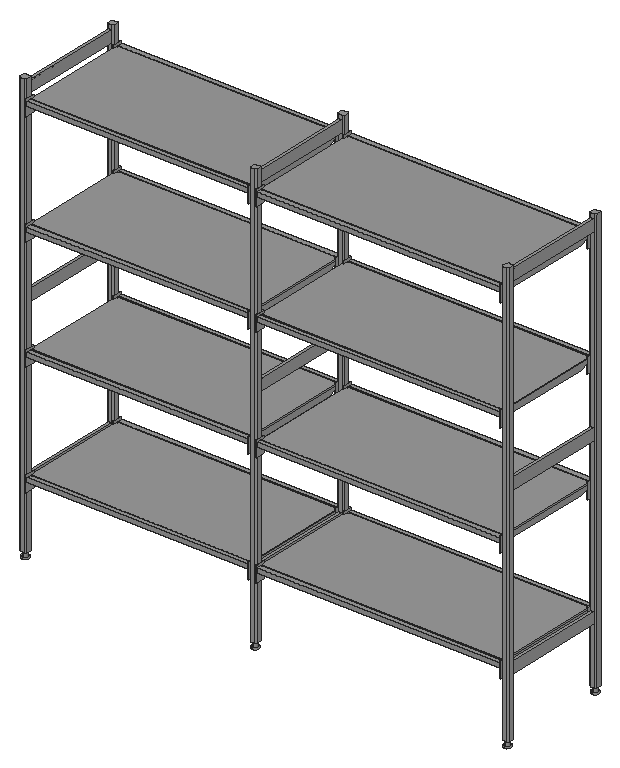
Revit family "QF_ZANUSSI_137043_BLS1960", category Attrezzature speciali, Revit 2020
Family settings
  Quota connettore circolare = Usa diametro
  Tipo di parte = Normale
  Basato su piano di lavoro = No
  Sempre verticale = Sì
  Taglio con vuoti quando caricato = No
  Condiviso = No
  Punto di calcolo locali = No
Parameters (values of type "Standard")
  Weight = 38.00 kg
  Watts = 0 W
  Volts = 0 V
  URL Manufacturer = "http://www.zanussiprofessional.com"
  URL = "http://www.zanussiprofessional.com"
  Steam Supply Size = 0 mm
  Steam Supply Minimum Pressure = 0.0 Pa
  Steam Supply Maximum Pressure = 0.0 Pa
  Steam Consumption per Hour = 0
  Refrigeration Suction Line Size = 0.0 mm
  Refrigeration Liquid Line Size = 0.0 mm
  Refrigerant Compressor Remote = yes
  Prospetto di default = 0.0 mm
  Phase = 0
  Modello = "BLS1960"
  Produttore = "Zanussi"
  Length Actual = 1960.0 mm  # constant formula
  Item Number = "137043"
  Hot Water Size = 0 mm
  Height Actual = 1700.0 mm  # constant formula
  HP = "0 HP"
  Gas Size = 0 mm
  Gas KW = 0
  Gas Input Pressure = 0 W
  Direct Waste Size = 0 mm
  Descrizione = "ALUM.LINEAR SHELV.-POLY.TIERS-475X1960MM"
  Depth Actual = 475.0 mm  # constant formula
  Cycle = 0 Hz
  Condensate Return Size = 0 mm
  Compressed Air Volume = 0.0 L/s
  Compressed Air Size = 0 mm
  Compressed Air Pressure = 0.0 Pa
  Cold Water Size = 0 mm
  Accessory = yes
Reference planes
  plane 1: z = 0
  plane 2 "CenterLeft": x = -31
  plane 3 "LEFT": x = -417
  plane 4 "BACK": y = 23
  plane 5 "FRONT": y = -452
  plane 6 "TOP": z = 1700
  plane 7: x = -385
  plane 8: x = 501
  plane 9 "Center (Front/Back)": y = -214.5
  plane 10: y = -8.5
  plane 11: y = -420.5
  plane 12 "FEET": z = 25
  plane 13: z = 275
  plane 14: z = 725
  plane 15: z = 1175
  plane 16: z = 1625
  plane 17 "CXLeft": x = -403
  plane 18 "Center (Left/Right)": x = 519
  plane 19: y = 5.5
  plane 20 "CYBack": y = 5.5
  plane 21 "CYFront": y = -434.5
  plane 22 "RIGHT": x = 1543
  plane 23: x = 1511
  plane 24 "CXRight": x = 1529
  plane 25: x = 537
Forms (mm)
  Extrusion 1, solid, material "QF_Aluminum"
    sketch origin (-417, 0, -4.006) x (0, 1, 0) y (0, 0, 1)
      loop
        line (-12, 1637.003) -> (4, 1637.003) -> (4, 1655) -> (2.007, 1655) -> (2.007, 1648.501) -> (-431, 1648.501) -> (-431, 1655) -> (-433, 1655) -> (-433, 1637.003) -> (-417, 1637.003) -> (-383, 1625) -> (-46, 1625) -> (-12, 1637.003)
      loop
        line (-12, 1187.003) -> (4, 1187.003) -> (4, 1205) -> (2.007, 1205) -> (2.007, 1198.501) -> (-431, 1198.501) -> (-431, 1205) -> (-433, 1205) -> (-433, 1187.003) -> (-417, 1187.003) -> (-383, 1175) -> (-46, 1175) -> (-12, 1187.003)
      loop
        line (-12, 737.003) -> (4, 737.003) -> (4, 755) -> (2.007, 755) -> (2.007, 748.501) -> (-431, 748.501) -> (-431, 755) -> (-433, 755) -> (-433, 737.003) -> (-417, 737.003) -> (-383, 725) -> (-46, 725) -> (-12, 737.003)
      loop
        line (-12, 287.003) -> (4, 287.003) -> (4, 305) -> (2.007, 305) -> (2.007, 298.501) -> (-431, 298.501) -> (-431, 305) -> (-433, 305) -> (-433, 287.003) -> (-417, 287.003) -> (-383, 275) -> (-46, 275) -> (-12, 287.003)
    from 37 to 32
  Extrusion 2, solid, material "QF_Aluminum"
    sketch origin (-417, 0, 0) x (0, 1, 0) y (0, 0, 1)
      loop
        line (23, 246.005) -> (23, 307.993) -> (-12.993, 307.993) -> (-12.993, 246.005) -> (23, 246.005)
      loop
        line (-452, 246.005) -> (-416.007, 246.005) -> (-416.007, 307.993) -> (-452, 307.993) -> (-452, 246.005)
      loop
        line (23, 696.005) -> (23, 757.993) -> (-12.993, 757.993) -> (-12.993, 696.005) -> (23, 696.005)
      loop
        line (-452, 696.005) -> (-416.007, 696.005) -> (-416.007, 757.993) -> (-452, 757.993) -> (-452, 696.005)
      loop
        line (23, 1146.005) -> (23, 1207.993) -> (-12.993, 1207.993) -> (-12.993, 1146.005) -> (23, 1146.005)
      loop
        line (-452, 1146.005) -> (-416.007, 1146.005) -> (-416.007, 1207.993) -> (-452, 1207.993) -> (-452, 1146.005)
      loop
        line (23, 1596.005) -> (23, 1657.993) -> (-12.993, 1657.993) -> (-12.993, 1596.005) -> (23, 1596.005)
      loop
        line (-452, 1596.005) -> (-416.007, 1596.005) -> (-416.007, 1657.993) -> (-452, 1657.993) -> (-452, 1596.005)
    from 28 to 32
  Extrusion 3, solid, material "QF_Aluminum"
    sketch origin (-417, 0, 0) x (0, 1, 0) y (0, 0, 1)
      loop
        line (4, 1650.994) -> (4, 1632.998) -> (23, 1632.998) -> (23, 1650.994) -> (4, 1650.994)
      loop
        line (-433, 1650.994) -> (-452, 1650.994) -> (-452, 1632.998) -> (-433, 1632.998) -> (-433, 1650.994)
      loop
        line (4, 1200.994) -> (4, 1182.998) -> (23, 1182.998) -> (23, 1200.994) -> (4, 1200.994)
      loop
        line (-433, 1200.994) -> (-452, 1200.994) -> (-452, 1182.998) -> (-433, 1182.998) -> (-433, 1200.994)
      loop
        line (4, 750.994) -> (4, 732.998) -> (23, 732.998) -> (23, 750.994) -> (4, 750.994)
      loop
        line (-433, 750.994) -> (-452, 750.994) -> (-452, 732.998) -> (-433, 732.998) -> (-433, 750.994)
      loop
        line (4, 300.994) -> (4, 282.998) -> (23, 282.998) -> (23, 300.994) -> (4, 300.994)
      loop
        line (-433, 300.994) -> (-452, 300.994) -> (-452, 282.998) -> (-433, 282.998) -> (-433, 300.994)
    from 32 to 918
  Extrusion 4, solid, material "QF_Polyethylene"
    sketch origin (-417, 0, 0) x (0, 1, 0) y (0, 0, 1)
      loop
        line (2.007, 1650.994) -> (-431, 1650.994) -> (-431, 1644.496) -> (2.007, 1644.496) -> (2.007, 1650.994)
      loop
        line (2.007, 1200.994) -> (-431, 1200.994) -> (-431, 1194.496) -> (2.007, 1194.496) -> (2.007, 1200.994)
      loop
        line (2.007, 750.994) -> (-431, 750.994) -> (-431, 744.496) -> (2.007, 744.496) -> (2.007, 750.994)
      loop
        line (2.007, 300.994) -> (-431, 300.994) -> (-431, 294.496) -> (2.007, 294.496) -> (2.007, 300.994)
    from 32 to 918
  Extrusion 5, solid, material "QF_Aluminum"
    sketch origin (1543, 0, 0) x (0, 1, 0) y (0, 0, 1)
      loop
        line (4, 1650.994) -> (4, 1632.998) -> (23, 1632.998) -> (23, 1650.994) -> (4, 1650.994)
      loop
        line (-433, 1650.994) -> (-452, 1650.994) -> (-452, 1632.998) -> (-433, 1632.998) -> (-433, 1650.994)
      loop
        line (4, 1200.994) -> (4, 1182.998) -> (23, 1182.998) -> (23, 1200.994) -> (4, 1200.994)
      loop
        line (-433, 1200.994) -> (-452, 1200.994) -> (-452, 1182.998) -> (-433, 1182.998) -> (-433, 1200.994)
      loop
        line (4, 750.994) -> (4, 732.998) -> (23, 732.998) -> (23, 750.994) -> (4, 750.994)
      loop
        line (-433, 750.994) -> (-452, 750.994) -> (-452, 732.998) -> (-433, 732.998) -> (-433, 750.994)
      loop
        line (4, 300.994) -> (4, 282.998) -> (23, 282.998) -> (23, 300.994) -> (4, 300.994)
      loop
        line (-433, 300.994) -> (-452, 300.994) -> (-452, 282.998) -> (-433, 282.998) -> (-433, 300.994)
    from -32 to -1006
  Extrusion 6, solid, material "QF_Polyethylene"
    sketch origin (1543, 0, 0) x (0, 1, 0) y (0, 0, 1)
      loop
        line (2.007, 1650.994) -> (-431, 1650.994) -> (-431, 1644.496) -> (2.007, 1644.496) -> (2.007, 1650.994)
      loop
        line (2.007, 1200.994) -> (-431, 1200.994) -> (-431, 1194.496) -> (2.007, 1194.496) -> (2.007, 1200.994)
      loop
        line (2.007, 750.994) -> (-431, 750.994) -> (-431, 744.496) -> (2.007, 744.496) -> (2.007, 750.994)
      loop
        line (2.007, 300.994) -> (-431, 300.994) -> (-431, 294.496) -> (2.007, 294.496) -> (2.007, 300.994)
    from -32 to -1006
Lines and regions (mm)
  symbolic lines
    curve 1: line (501, 4, 1700) -> (-385, 4, 1700)
    curve 2: line (-408, -8.5, 1700) -> (-408, -420.5, 1700)
    curve 3: line (-398, -420.5, 1700) -> (-398, -8.5, 1700)
    curve 4: line (-389, 23, 1700) -> (505, 23, 1700)
    curve 5: line (-385, -452, 1700) -> (501, -452, 1700)
    curve 6: line (533, 23, 1700) -> (1515, 23, 1700)
    curve 7: line (533, -452, 1700) -> (1515, -452, 1700)
    curve 8: line (-385, -433, 1700) -> (501, -433, 1700)
    curve 9: line (537, -433, 1700) -> (1511, -433, 1700)
    curve 10: line (537, 4, 1700) -> (1511, 4, 1700)
    curve 11: line (1511, -12.993, 1700) -> (1511, -416.007, 1700)
    curve 12: line (501, -12.993, 1700) -> (501, -416.007, 1700)
    curve 13: line (537, -416.007, 1700) -> (537, -12.993, 1700)
    curve 14: line (-385, -12.993, 1700) -> (-385, -416.007, 1700)
Dimensions and locks
  plane 3 "LEFT" to plane 2 "CenterLeft" = 386.0 mm
  locked: plane 6 "TOP" to level at 1700
  locked: plane 4 "BACK" to plane 5 "FRONT" at 475
  locked: plane 7 to plane 8 at 886
  locked: plane 10 to plane 11 at 412
  equal spacing: plane 10, plane 9 "Center (Front/Back)", plane 11
  equal spacing: plane 4 "BACK", plane 9 "Center (Front/Back)", plane 5 "FRONT"
  plane 12 "FEET" to level = 25.0 mm
  plane 6 "TOP" to plane 12 "FEET" = 1675.0 mm
  plane 13 to plane 12 "FEET" = 250.0 mm
  plane 14 to plane 13 = 450.0 mm
  plane 15 to plane 14 = 450.0 mm
  plane 16 to plane 15 = 450.0 mm
  locked: plane 4 "BACK" to plane 20 "CYBack" at 17.5
  locked: plane 21 "CYFront" to plane 5 "FRONT" at 17.5
  locked: plane 4 "BACK" to Extrusion 1 at 19
  locked: Extrusion 1 to plane 5 "FRONT" at 19
  Extrusion 1 sketch curve to plane 21 "CYFront" = 3.5 mm
  plane 3 "LEFT" to plane 22 "RIGHT" = 1960.0 mm
  locked: plane 25 to plane 23 at 974
  locked: plane 8 to plane 18 "Center (Left/Right)" at 18
  locked: plane 18 "Center (Left/Right)" to plane 25 at 18
  locked: plane 3 "LEFT" to plane 7 at 32
  locked: plane 24 "CXRight" to plane 22 "RIGHT" at 14
  aligned and locked: level to plane 1
  aligned and locked: plane 7 to Extrusion 1
  aligned and locked: Extrusion 2 to plane 7
  aligned and locked: plane 7 to Extrusion 4
  aligned and locked: Extrusion 4 to plane 8
  aligned and locked: plane 7 to Extrusion 3
  aligned and locked: Extrusion 3 to plane 8
  aligned and locked: Extrusion 3 sketch curve to Extrusion 1
  aligned and locked: Extrusion 1 to Extrusion 3 sketch curve
  aligned and locked: Extrusion 3 sketch curve to Extrusion 3 sketch curve  (x2)
  aligned and locked: Extrusion 1 sketch curve to Extrusion 1 sketch curve  (x3)
  aligned and locked: Extrusion 4 sketch curve to Extrusion 1  (x4)
  aligned and locked: Extrusion 5 sketch curve to Extrusion 5 sketch curve  (x2)
  aligned and locked: Extrusion 5 to plane 25
  aligned and locked: Extrusion 6 to plane 25
  aligned and locked: nested 3 to plane 18 "Center (Left/Right)"
  aligned and locked: nested 1 to plane 17 "CXLeft"
  aligned and locked: Extrusion 3 to plane 7  (x3)
  aligned and locked: plane 8 to Extrusion 3  (x4)
  aligned and locked: plane 25 to Extrusion 5  (x4)
  aligned and locked: plane 25 to Extrusion 6  (x4)
  aligned and locked: plane 8 to Extrusion 4  (x4)
  aligned and locked: nested 2 to plane 24 "CXRight"
  aligned and locked: Extrusion 5 to plane 23
  aligned and locked: Extrusion 6 to plane 23
  aligned and locked: plane 23 to Extrusion 5  (x3)
  aligned and locked: plane 23 to Extrusion 6  (x3)
Automatic sketch dimensions
  plane 21 "CYFront" to Extrusion 1 sketch curve = 1.5 mm  (x4)
  plane 11 to Extrusion 1 sketch curve = 3.5 mm  (x4)
  Extrusion 1 sketch curve to plane 13 = 4.006 mm
  Extrusion 1 sketch curve to Extrusion 1 sketch curve = 34.0 mm  (x4)
  Extrusion 1 sketch curve to plane 14 = 4.006 mm
  Extrusion 1 sketch curve to plane 15 = 4.006 mm
  Extrusion 1 sketch curve to plane 16 = 4.006 mm
  Extrusion 1 sketch curve to plane 10 = 37.5 mm  (x4)
  Extrusion 1 sketch curve to plane 10 = 3.5 mm  (x4)
  plane 19 to Extrusion 1 sketch curve = 3.493 mm  (x4)
  plane 19 to Extrusion 1 sketch curve = 1.5 mm  (x4)
  plane 13 to Extrusion 1 sketch curve = 7.998 mm  (x2)
  Extrusion 1 sketch curve to Extrusion 1 sketch curve = 11.498 mm  (x4)
  Extrusion 1 sketch curve to Extrusion 1 sketch curve = 6.499 mm  (x8)
  plane 14 to Extrusion 1 sketch curve = 7.998 mm  (x2)
  plane 15 to Extrusion 1 sketch curve = 7.998 mm  (x2)
  plane 16 to Extrusion 1 sketch curve = 7.998 mm  (x2)
  Extrusion 2 sketch curve to plane 5 "FRONT" = 0.0 mm  (x4)
  Extrusion 2 sketch curve to plane 4 "BACK" = 0.0 mm  (x4)
  plane 11 to Extrusion 2 sketch curve = 4.493 mm  (x4)
  Extrusion 2 sketch curve to plane 10 = 4.493 mm  (x4)
  Extrusion 2 sketch curve to plane 13 = 28.995 mm  (x2)
  plane 13 to Extrusion 2 sketch curve = 32.993 mm  (x2)
  Extrusion 2 sketch curve to plane 14 = 28.995 mm  (x2)
  plane 14 to Extrusion 2 sketch curve = 32.993 mm  (x2)
  Extrusion 2 sketch curve to plane 15 = 28.995 mm  (x2)
  plane 15 to Extrusion 2 sketch curve = 32.993 mm  (x2)
  Extrusion 2 sketch curve to plane 16 = 28.995 mm  (x2)
  plane 16 to Extrusion 2 sketch curve = 32.993 mm  (x2)
  Extrusion 3 sketch curve to plane 5 "FRONT" = 0.0 mm  (x4)
  Extrusion 3 sketch curve to plane 4 "BACK" = 0.0 mm  (x4)
  plane 19 to Extrusion 3 sketch curve = 1.5 mm  (x4)
  plane 13 to Extrusion 3 sketch curve = 7.998 mm  (x2)
  Extrusion 3 sketch curve to Extrusion 3 sketch curve = 17.997 mm  (x8)
  plane 14 to Extrusion 3 sketch curve = 7.998 mm  (x2)
  plane 15 to Extrusion 3 sketch curve = 7.998 mm  (x2)
  plane 16 to Extrusion 3 sketch curve = 7.998 mm  (x2)
  plane 19 to Extrusion 4 sketch curve = 3.493 mm  (x4)
  plane 13 to Extrusion 4 sketch curve = 19.496 mm
  Extrusion 4 sketch curve to Extrusion 4 sketch curve = 6.499 mm  (x4)
  plane 14 to Extrusion 4 sketch curve = 19.496 mm
  plane 15 to Extrusion 4 sketch curve = 19.496 mm
  plane 16 to Extrusion 4 sketch curve = 19.496 mm
  Extrusion 5 sketch curve to plane 5 "FRONT" = 0.0 mm  (x4)
  Extrusion 5 sketch curve to plane 4 "BACK" = 0.0 mm  (x4)
  plane 21 "CYFront" to Extrusion 5 sketch curve = 1.5 mm  (x2)
  plane 19 to Extrusion 5 sketch curve = 1.5 mm  (x4)
  plane 13 to Extrusion 5 sketch curve = 7.998 mm  (x2)
  Extrusion 5 sketch curve to Extrusion 5 sketch curve = 17.997 mm  (x8)
  plane 14 to Extrusion 5 sketch curve = 7.998 mm  (x2)
  plane 15 to Extrusion 5 sketch curve = 7.998 mm  (x2)
  plane 16 to Extrusion 5 sketch curve = 7.998 mm  (x2)
  plane 21 "CYFront" to Extrusion 6 sketch curve = 3.5 mm  (x4)
  plane 19 to Extrusion 6 sketch curve = 3.493 mm  (x4)
  plane 13 to Extrusion 6 sketch curve = 19.496 mm
  Extrusion 6 sketch curve to Extrusion 6 sketch curve = 6.499 mm  (x4)
  plane 14 to Extrusion 6 sketch curve = 19.496 mm
  plane 15 to Extrusion 6 sketch curve = 19.496 mm
  plane 16 to Extrusion 6 sketch curve = 19.496 mm
  curve 7 to plane 5 "FRONT" = 0.0 mm
  curve 5 to plane 5 "FRONT" = 0.0 mm
  curve 8 to plane 8 = 0.0 mm
  curve 9 to plane 25 = 0.0 mm
  curve 9 to plane 23 = 0.0 mm
  curve 8 to plane 7 = 0.0 mm
  curve 2 to plane 11 = 0.0 mm
  curve 3 to plane 11 = 0.0 mm
  curve 14 to plane 7 = 0.0 mm
  curve 13 to plane 25 = 0.0 mm
  curve 12 to plane 8 = 0.0 mm
  curve 11 to plane 23 = 0.0 mm
  curve 3 to plane 10 = 0.0 mm
  curve 2 to plane 10 = 0.0 mm
  curve 1 to plane 8 = 0.0 mm
  curve 1 to plane 7 = 0.0 mm
  curve 10 to plane 23 = 0.0 mm
  curve 10 to plane 25 = 0.0 mm
  curve 4 to plane 4 "BACK" = 0.0 mm
  curve 6 to plane 4 "BACK" = 0.0 mm
  curve 5 to plane 8 = 0.0 mm
  curve 5 to plane 7 = 0.0 mm
  plane 21 "CYFront" to curve 8 = 1.5 mm
  plane 21 "CYFront" to curve 9 = 1.5 mm
  plane 11 to curve 14 = 4.493 mm
  plane 11 to curve 13 = 4.493 mm
  plane 11 to curve 12 = 4.493 mm
  plane 11 to curve 11 = 4.493 mm
  curve 14 to plane 10 = 4.493 mm
  curve 13 to plane 10 = 4.493 mm
  curve 12 to plane 10 = 4.493 mm
  curve 11 to plane 10 = 4.493 mm
  plane 19 to curve 1 = 1.5 mm
  plane 19 to curve 10 = 1.5 mm
  curve 6 to plane 23 = 4.0 mm
  curve 7 to plane 23 = 4.0 mm
  curve 6 to plane 25 = 4.0 mm
  curve 7 to plane 25 = 4.0 mm
  curve 4 to plane 8 = 4.0 mm
  plane 7 to curve 4 = 4.0 mm
  plane 17 "CXLeft" to curve 3 = 5.0 mm
  curve 2 to plane 17 "CXLeft" = 5.0 mm
Nested families
  nested 1: "WT_Anta475" at (0, 0, 0), type "WT_Anta475"
  nested 2: "WT_Anta475" at (1126, 0, 0) x (-1, 0, 0) z (0, 0, 1), type "WT_Anta475"
  nested 3: "WT_Anta475Center" at (922, 0, 0), type "WT_Anta475Center"
Definition of nested family "WT_Anta475"
  Parameters
    WidthLeft = A + 64.0 mm  # 772.0 mm
    Width = 1606.0 mm
    Right = WidthLeft / 2  # 386.0 mm
    Default Elevation = 0.0 mm
    Left = -WidthLeft / 2  # -386.0 mm
    Height = 1725.0 mm
    FEET = 25.0 mm
    E = 0.0 mm
    Dint = Depth - 63.0 mm  # 412.0 mm
    Dext = Depth - 8.0 mm  # 467.0 mm
    Depth = 475.0 mm
    DX = (WidthLeft - A) / 2  # 32.0 mm
    B = 798.0 mm
    A = 708.0 mm
  Reference planes
    plane 1: z = 0
    plane 2 "LEFT": x = -417
    plane 3 "BACK": y = 23
    plane 4 "FRONT": y = -452
    plane 5 "TOP": z = 1725
    plane 6 "Center (Front/Back)": y = -214.5
    plane 7: y = -8.5
    plane 8: y = -420.5
    plane 9 "FEET": z = 25
    plane 10: z = 275
    plane 11: z = 725
    plane 12: z = 1175
    plane 13: z = 1625
    plane 14 "CXLeft": x = -403
    plane 15: y = 5.5
    plane 16 "CYBack": y = 5.5
    plane 17 "CYFront": y = -434.5
    plane 18: x = -385.031
    plane 19: x = -380.031
  Forms (mm)
    Extrusion 1, solid
      sketch origin (0, 0, 0) x (1, 0, 0) y (0, 1, 0)
        loop
          line (-417, 13.246) -> (-417, -2.246) -> (-410.746, -8.5) -> (-395.254, -8.5) -> (-389, -2.246) -> (-389, 13.246) -> (-395.254, 19.5) -> (-410.746, 19.5) -> (-417, 13.246)
      from 1725 to 25
    Extrusion 2, solid
      sketch origin (-417, 0, 0) x (0, 1, 0) y (0, 0, 1)
        loop
          line (23, 246.005) -> (23, 307.993) -> (-12.993, 307.993) -> (-12.993, 246.005) -> (23, 246.005)
        loop
          line (-452, 246.005) -> (-416.007, 246.005) -> (-416.007, 307.993) -> (-452, 307.993) -> (-452, 246.005)
        loop
          line (23, 696.005) -> (23, 757.993) -> (-12.993, 757.993) -> (-12.993, 696.005) -> (23, 696.005)
        loop
          line (-452, 696.005) -> (-416.007, 696.005) -> (-416.007, 757.993) -> (-452, 757.993) -> (-452, 696.005)
        loop
          line (23, 1146.005) -> (23, 1207.993) -> (-12.993, 1207.993) -> (-12.993, 1146.005) -> (23, 1146.005)
        loop
          line (-452, 1146.005) -> (-416.007, 1146.005) -> (-416.007, 1207.993) -> (-452, 1207.993) -> (-452, 1146.005)
        loop
          line (23, 1596.005) -> (23, 1657.993) -> (-12.993, 1657.993) -> (-12.993, 1596.005) -> (23, 1596.005)
        loop
          line (-452, 1596.005) -> (-416.007, 1596.005) -> (-416.007, 1657.993) -> (-452, 1657.993) -> (-452, 1596.005)
      from 28 to 32
    Revolve 3, solid
      sketch origin (-403, 0, 0) x (0, 1, 0) y (0, 0, 1)
        loop
          line (5.5, 25) -> (5.5, 0) -> (19, 0) -> (19, 5) -> (14, 5) -> (14, 25) -> (5.5, 25)
        axis (5.5, 25) -> (5.5, 0)
      angle from 0 to 360
    Extrusion 4, solid
      sketch origin (-403, 0, 0) x (0, 1, 0) y (0, 0, 1)
        loop
          line (-8.5, 912.382) -> (-8.5, 957.374) -> (-420.5, 957.374) -> (-420.5, 912.382) -> (-8.5, 912.382)
        loop
          line (-8.5, 1662.244) -> (-8.5, 1707.236) -> (-420.5, 1707.236) -> (-420.5, 1662.244) -> (-8.5, 1662.244)
      from -5 to 5
    Revolve 5, solid
      sketch origin (-403, -627, 0) x (0, -1, 0) y (0, 0, 1)
        loop
          line (-192.5, 25) -> (-192.5, 0) -> (-179, 0) -> (-179, 5) -> (-184, 5) -> (-184, 25) -> (-192.5, 25)
        axis (-192.5, 25) -> (-192.5, 0)
      angle from 0 to 360
    Extrusion 6, solid
      sketch origin (0, -627, 0) x (1, 0, 0) y (0, 1, 0)
        loop
          line (-417, 184.754) -> (-410.746, 178.5) -> (-395.254, 178.5) -> (-389, 184.754) -> (-389, 200.246) -> (-395.254, 206.5) -> (-410.746, 206.5) -> (-417, 200.246) -> (-417, 184.754)
      from 1725 to 25
    Extrusion 7, solid
      sketch origin (-417.031, -0.022, 0) x (0, 1, 0) y (0, 0, -1)
        loop
          line (-12, -1632.998) -> (-46, -1620.994) -> (-383, -1620.994) -> (-417, -1632.998) -> (-433, -1632.998) -> (-433, -1650.994) -> (-431, -1650.994) -> (-431, -1644.496) -> (2.007, -1644.496) -> (2.007, -1650.994) -> (4, -1650.994) -> (4, -1632.998) -> (-12, -1632.998)
        loop
          line (-12, -1182.998) -> (-46, -1170.994) -> (-383, -1170.994) -> (-417, -1182.998) -> (-433, -1182.998) -> (-433, -1200.994) -> (-431, -1200.994) -> (-431, -1194.496) -> (2.007, -1194.496) -> (2.007, -1200.994) -> (4, -1200.994) -> (4, -1182.998) -> (-12, -1182.998)
        loop
          line (-12, -732.998) -> (-46, -720.994) -> (-383, -720.994) -> (-417, -732.998) -> (-433, -732.998) -> (-433, -750.994) -> (-431, -750.994) -> (-431, -744.496) -> (2.007, -744.496) -> (2.007, -750.994) -> (4, -750.994) -> (4, -732.998) -> (-12, -732.998)
        loop
          line (-12, -282.998) -> (-46, -270.994) -> (-383, -270.994) -> (-417, -282.998) -> (-433, -282.998) -> (-433, -300.994) -> (-431, -300.994) -> (-431, -294.496) -> (2.007, -294.496) -> (2.007, -300.994) -> (4, -300.994) -> (4, -282.998) -> (-12, -282.998)
      from -32 to -37
    Extrusion 8, solid
      sketch origin (-403, 0, -659.878) x (0, 1, 0) y (0, 0, 1)
        loop
          line (-8.5, 912.382) -> (-8.5, 957.374) -> (-420.5, 957.374) -> (-420.5, 912.382) -> (-8.5, 912.382)
        loop
          line (-8.5, 1572.382) -> (-8.5, 1617.374) -> (-420.5, 1617.374) -> (-420.5, 1572.382) -> (-8.5, 1572.382)
        loop
          line (-8.5, 2322.382) -> (-8.5, 2367.374) -> (-420.5, 2367.374) -> (-420.5, 2322.382) -> (-8.5, 2322.382)
      from -5 to 5
  Lines and regions (mm)
    symbolic lines
      curve 1: line (-408, -8.5, 1725) -> (-408, -420.5, 1725)
      curve 2: line (-398, -420.5, 1725) -> (-398, -8.5, 1725)
      curve 3: line (-395.254, -8.5, 1725) -> (-410.746, -8.5, 1725)
      curve 4: line (-417, -2.246, 1725) -> (-410.746, -8.5, 1725)
      curve 5: line (-417, 13.246, 1725) -> (-417, -2.246, 1725)
      curve 6: line (-410.746, 19.5, 1725) -> (-417, 13.246, 1725)
      curve 7: line (-395.254, 19.5, 1725) -> (-410.746, 19.5, 1725)
      curve 8: line (-389, 13.246, 1725) -> (-395.254, 19.5, 1725)
      curve 9: line (-395.254, -8.5, 1725) -> (-389, -2.246, 1725)
      curve 10: line (-395.254, -420.5, 1725) -> (-410.746, -420.5, 1725)
      curve 11: line (-417, -426.754, 1725) -> (-410.746, -420.5, 1725)
      curve 12: line (-410.746, -448.5, 1725) -> (-417, -442.246, 1725)
      curve 13: line (-395.254, -448.5, 1725) -> (-410.746, -448.5, 1725)
      curve 14: line (-389, -442.246, 1725) -> (-395.254, -448.5, 1725)
      curve 15: line (-395.254, -420.5, 1725) -> (-389, -426.754, 1725)
      curve 16: line (-389, -452, 1725) -> (-389, -416.007, 1725)
      curve 17: line (-389, -416.007, 1725) -> (-385, -416.007, 1725)
      curve 18: line (-389, 23, 1725) -> (-389, -12.993, 1725)
      curve 19: line (-389, -12.993, 1725) -> (-385, -12.993, 1725)
      curve 20: line (-417, -426.754, 1725) -> (-417, -442.246, 1725)
      curve 21: line (-385, -452, 1725) -> (-385, -416.007, 1725)
      curve 22: line (-385, -452, 1725) -> (-389, -452, 1725)
      curve 23: line (-385, 23, 1725) -> (-389, 23, 1725)
      curve 24: line (-385, -12.993, 1725) -> (-385, 23, 1725)
      curve 25: line (-385.031, -13.016, 1725) -> (-385.031, -416.029, 1725)
  Dimensions and locks
    "Height": plane 5 "TOP" to level
    "Depth": plane 3 "BACK" to plane 4 "FRONT"
    "Dint": plane 7 to plane 8
    equal spacing: plane 7, plane 6 "Center (Front/Back)", plane 8
    equal spacing: plane 3 "BACK", plane 6 "Center (Front/Back)", plane 4 "FRONT"
    plane 9 "FEET" to level = 25.0 mm
    plane 5 "TOP" to plane 9 "FEET" = 1700.0 mm
    plane 10 to plane 9 "FEET" = 250.0 mm
    plane 11 to plane 10 = 450.0 mm
    plane 12 to plane 11 = 450.0 mm
    plane 13 to plane 12 = 450.0 mm
    locked: plane 2 "LEFT" to plane 14 "CXLeft" at 14
    locked: plane 3 "BACK" to plane 16 "CYBack" at 17.5
    locked: plane 17 "CYFront" to plane 4 "FRONT" at 17.5
    locked: Revolve 3 sketch curve to Revolve 3 sketch curve at 8.5
    locked: Revolve 3 sketch curve to plane 16 "CYBack" at 13.5
    locked: Revolve 5 sketch curve to Revolve 5 sketch curve at 8.5
    aligned and locked: level to plane 1
    aligned and locked: curve 20 to Extrusion 6
    aligned and locked: plane 5 "TOP" to Extrusion 1
    aligned and locked: plane 5 "TOP" to Extrusion 6
    aligned and locked: Extrusion 7 sketch curve to Extrusion 7 sketch curve  (x3)
  Automatic sketch dimensions
    curve 16 to plane 4 "FRONT" = 0.0 mm
    curve 11 to plane 8 = 0.0 mm
    curve 9 to plane 7 = 0.0 mm
    curve 5 to plane 2 "LEFT" = 0.0 mm
    curve 23 to plane 3 "BACK" = 0.0 mm
    plane 4 "FRONT" to curve 13 = 3.5 mm
    curve 20 to plane 17 "CYFront" = 7.746 mm
    curve 20 to plane 8 = 6.254 mm
    plane 8 to curve 16 = 4.493 mm
    curve 24 to plane 18 = 0.031 mm
    curve 24 to plane 7 = 4.493 mm
    plane 7 to curve 5 = 6.254 mm
    curve 5 to plane 15 = 7.746 mm
    curve 6 to plane 3 "BACK" = 3.5 mm
    curve 21 to plane 18 = 0.031 mm
    plane 18 to curve 23 = 3.969 mm
    plane 18 to curve 16 = 3.969 mm
    curve 18 to curve 8 = 6.254 mm
    curve 18 to curve 3 = 6.254 mm
    curve 16 to curve 13 = 6.254 mm
    curve 16 to curve 15 = 6.254 mm
    plane 2 "LEFT" to curve 10 = 6.254 mm
    plane 2 "LEFT" to curve 7 = 6.254 mm
    plane 2 "LEFT" to curve 12 = 6.254 mm
    plane 2 "LEFT" to curve 3 = 6.254 mm
    curve 14 to plane 17 "CYFront" = 7.746 mm
    curve 15 to plane 8 = 6.254 mm
    plane 7 to curve 9 = 6.254 mm
    curve 8 to plane 15 = 7.746 mm
    curve 3 to curve 2 = 2.746 mm
    curve 1 to curve 10 = 2.746 mm
    Extrusion 1 sketch curve to plane 2 "LEFT" = 0.0 mm
    Extrusion 1 sketch curve to plane 7 = 0.0 mm
    plane 2 "LEFT" to Extrusion 1 sketch curve = 6.254 mm  (x2)
    plane 14 "CXLeft" to Extrusion 1 sketch curve = 7.746 mm  (x2)
    Extrusion 1 sketch curve to plane 3 "BACK" = 3.5 mm
    plane 18 to Extrusion 1 sketch curve = 3.969 mm
    plane 7 to Extrusion 1 sketch curve = 6.254 mm  (x2)
    Extrusion 1 sketch curve to plane 15 = 7.746 mm  (x2)
    Extrusion 2 sketch curve to plane 4 "FRONT" = 0.0 mm  (x4)
    Extrusion 2 sketch curve to plane 3 "BACK" = 0.0 mm  (x4)
    plane 8 to Extrusion 2 sketch curve = 4.493 mm  (x4)
    Extrusion 2 sketch curve to plane 7 = 4.493 mm  (x4)
    Extrusion 2 sketch curve to plane 10 = 28.995 mm  (x2)
    plane 10 to Extrusion 2 sketch curve = 32.993 mm  (x2)
    Extrusion 2 sketch curve to plane 11 = 28.995 mm  (x2)
    plane 11 to Extrusion 2 sketch curve = 32.993 mm  (x2)
    Extrusion 2 sketch curve to plane 12 = 28.995 mm  (x2)
    plane 12 to Extrusion 2 sketch curve = 32.993 mm  (x2)
    Extrusion 2 sketch curve to plane 13 = 28.995 mm  (x2)
    plane 13 to Extrusion 2 sketch curve = 32.993 mm  (x2)
    Revolve 3 sketch curve to plane 9 "FEET" = 0.0 mm  (x2)
    Revolve 3 sketch curve to plane 15 = 0.0 mm  (x2)
    Revolve 3 sketch curve to level = 0.0 mm
    level to Revolve 3 sketch curve = 5.0 mm
    Revolve 3 sketch curve to Revolve 3 sketch curve = 11.655 mm
    Extrusion 4 sketch curve to plane 8 = 0.0 mm  (x2)
    Extrusion 4 sketch curve to plane 7 = 0.0 mm  (x2)
    plane 11 to Extrusion 4 sketch curve = 187.382 mm
    Extrusion 4 sketch curve to Extrusion 4 sketch curve = 44.992 mm
    plane 13 to Extrusion 4 sketch curve = 37.244 mm
    Extrusion 4 sketch curve to plane 5 "TOP" = 17.764 mm
    Revolve 5 sketch curve to plane 9 "FEET" = 0.0 mm  (x2)
    Revolve 5 sketch curve to plane 17 "CYFront" = 0.0 mm  (x2)
    Revolve 5 sketch curve to level = 0.0 mm
    Revolve 5 sketch curve to plane 4 "FRONT" = 4.0 mm
    Revolve 5 sketch curve to Revolve 5 sketch curve = 5.0 mm
    level to Revolve 5 sketch curve = 11.655 mm
    Extrusion 6 sketch curve to plane 2 "LEFT" = 0.0 mm
    Extrusion 6 sketch curve to plane 8 = 0.0 mm
    Extrusion 6 sketch curve to plane 2 "LEFT" = 6.254 mm  (x2)
    Extrusion 6 sketch curve to plane 14 "CXLeft" = 7.746 mm  (x2)
    Extrusion 6 sketch curve to plane 4 "FRONT" = 3.5 mm
    Extrusion 6 sketch curve to plane 18 = 3.969 mm
    plane 8 to Extrusion 6 sketch curve = 6.254 mm  (x2)
    plane 17 "CYFront" to Extrusion 6 sketch curve = 7.746 mm  (x2)
    plane 17 "CYFront" to Extrusion 7 sketch curve = 1.478 mm  (x4)
    Extrusion 7 sketch curve to Extrusion 7 sketch curve = 2.0 mm
    plane 8 to Extrusion 7 sketch curve = 3.478 mm  (x4)
    Extrusion 7 sketch curve to plane 10 = 4.006 mm
    Extrusion 7 sketch curve to Extrusion 7 sketch curve = 34.0 mm  (x4)
    Extrusion 7 sketch curve to plane 11 = 4.006 mm
    Extrusion 7 sketch curve to plane 12 = 4.006 mm
    Extrusion 7 sketch curve to plane 13 = 4.006 mm
    Extrusion 7 sketch curve to plane 7 = 37.522 mm  (x4)
    Extrusion 7 sketch curve to plane 7 = 3.522 mm  (x4)
    plane 15 to Extrusion 7 sketch curve = 3.516 mm  (x4)
    plane 15 to Extrusion 7 sketch curve = 1.522 mm  (x4)
    plane 13 to Extrusion 7 sketch curve = 7.998 mm  (x2)
    Extrusion 7 sketch curve to Extrusion 7 sketch curve = 11.498 mm
    Extrusion 7 sketch curve to Extrusion 7 sketch curve = 6.499 mm  (x5)
    plane 12 to Extrusion 7 sketch curve = 25.994 mm  (x2)
    plane 12 to Extrusion 7 sketch curve = 7.998 mm  (x2)
    plane 11 to Extrusion 7 sketch curve = 25.994 mm  (x2)
    plane 11 to Extrusion 7 sketch curve = 7.998 mm  (x2)
    plane 10 to Extrusion 7 sketch curve = 25.994 mm  (x2)
    plane 10 to Extrusion 7 sketch curve = 7.998 mm  (x2)
    curve 25 to plane 18 = 0.0 mm
    plane 8 to curve 25 = 4.471 mm
    curve 25 to plane 7 = 4.516 mm
    Extrusion 8 sketch curve to plane 8 = 0.0 mm  (x3)
    Extrusion 8 sketch curve to plane 7 = 0.0 mm  (x3)
    Extrusion 8 sketch curve to plane 10 = 22.496 mm
    plane 10 to Extrusion 8 sketch curve = 22.496 mm
    plane 11 to Extrusion 8 sketch curve = 187.504 mm
    Extrusion 8 sketch curve to Extrusion 8 sketch curve = 44.992 mm
    plane 13 to Extrusion 8 sketch curve = 37.504 mm
    Extrusion 8 sketch curve to plane 5 "TOP" = 17.504 mm
Definition of nested family "WT_Anta475Center"
  Parameters
    WidthLeft = A + 64.0 mm  # 772.0 mm
    Width = 1606.0 mm
    Right = WidthLeft / 2  # 386.0 mm
    Default Elevation = 0.0 mm
    Left = -WidthLeft / 2  # -386.0 mm
    Height = 1725.0 mm
    FEET = 25.0 mm
    E = 0.0 mm
    Dint = Depth - 63.0 mm  # 412.0 mm
    Dext = Depth - 8.0 mm  # 467.0 mm
    Depth = 475.0 mm
    DX = (WidthLeft - A) / 2  # 32.0 mm
    B = 798.0 mm
    A = 708.0 mm
  Reference planes
    plane 1: z = 0
    plane 2 "L": x = -417
    plane 3 "BACK": y = 23
    plane 4 "FRONT": y = -452
    plane 5 "TOP": z = 1725
    plane 6 "Center (Front/Back)": y = -214.5
    plane 7: y = -8.5
    plane 8: y = -420.5
    plane 9 "FEET": z = 25
    plane 10: z = 275
    plane 11: z = 725
    plane 12: z = 1175
    plane 13: z = 1625
    plane 14 "CXLeft": x = -403
    plane 15: y = 5.5
    plane 16 "CYBack": y = 5.5
    plane 17 "CYFront": y = -434.5
    plane 18: x = -385.031
    plane 19 "RIGHT": x = -380.031
    plane 20: x = -420.969
    plane 21 "LEFT": x = -425.969
  Forms (mm)
    Extrusion 1, solid
      sketch origin (0, 0, 0) x (1, 0, 0) y (0, 1, 0)
        loop
          line (-417, 13.246) -> (-417, -2.246) -> (-410.746, -8.5) -> (-395.254, -8.5) -> (-389, -2.246) -> (-389, 13.246) -> (-395.254, 19.5) -> (-410.746, 19.5) -> (-417, 13.246)
      from 1725 to 25
    Extrusion 2, solid
      sketch origin (-417, 0, 0) x (0, 1, 0) y (0, 0, 1)
        loop
          line (23, 246.005) -> (23, 307.993) -> (-12.993, 307.993) -> (-12.993, 246.005) -> (23, 246.005)
        loop
          line (-452, 246.005) -> (-416.007, 246.005) -> (-416.007, 307.993) -> (-452, 307.993) -> (-452, 246.005)
        loop
          line (23, 696.005) -> (23, 757.993) -> (-12.993, 757.993) -> (-12.993, 696.005) -> (23, 696.005)
        loop
          line (-452, 696.005) -> (-416.007, 696.005) -> (-416.007, 757.993) -> (-452, 757.993) -> (-452, 696.005)
        loop
          line (23, 1146.005) -> (23, 1207.993) -> (-12.993, 1207.993) -> (-12.993, 1146.005) -> (23, 1146.005)
        loop
          line (-452, 1146.005) -> (-416.007, 1146.005) -> (-416.007, 1207.993) -> (-452, 1207.993) -> (-452, 1146.005)
        loop
          line (23, 1596.005) -> (23, 1657.993) -> (-12.993, 1657.993) -> (-12.993, 1596.005) -> (23, 1596.005)
        loop
          line (-452, 1596.005) -> (-416.007, 1596.005) -> (-416.007, 1657.993) -> (-452, 1657.993) -> (-452, 1596.005)
      from 28 to 32
    Revolve 3, solid
      sketch origin (-403, 0, 0) x (0, 1, 0) y (0, 0, 1)
        loop
          line (5.5, 25) -> (5.5, 0) -> (19, 0) -> (19, 5) -> (14, 5) -> (14, 25) -> (5.5, 25)
        axis (5.5, 25) -> (5.5, 0)
      angle from 0 to 360
    Extrusion 4, solid
      sketch origin (-403, 0, 0) x (0, 1, 0) y (0, 0, 1)
        loop
          line (-8.5, 912.382) -> (-8.5, 957.374) -> (-420.5, 957.374) -> (-420.5, 912.382) -> (-8.5, 912.382)
        loop
          line (-8.5, 1662.244) -> (-8.5, 1707.236) -> (-420.5, 1707.236) -> (-420.5, 1662.244) -> (-8.5, 1662.244)
      from -5 to 5
    Revolve 5, solid
      sketch origin (-403, -627, 0) x (0, -1, 0) y (0, 0, 1)
        loop
          line (-192.5, 25) -> (-192.5, 0) -> (-179, 0) -> (-179, 5) -> (-184, 5) -> (-184, 25) -> (-192.5, 25)
        axis (-192.5, 25) -> (-192.5, 0)
      angle from 0 to 360
    Extrusion 6, solid
      sketch origin (0, -627, 0) x (1, 0, 0) y (0, 1, 0)
        loop
          line (-417, 184.754) -> (-410.746, 178.5) -> (-395.254, 178.5) -> (-389, 184.754) -> (-389, 200.246) -> (-395.254, 206.5) -> (-410.746, 206.5) -> (-417, 200.246) -> (-417, 184.754)
      from 1725 to 25
    Extrusion 7, solid
      sketch origin (-417.031, -0.022, 0) x (0, 1, 0) y (0, 0, -1)
        loop
          line (-12, -1632.998) -> (-46, -1620.994) -> (-383, -1620.994) -> (-417, -1632.998) -> (-433, -1632.998) -> (-433, -1650.994) -> (-431, -1650.994) -> (-431, -1644.496) -> (2.007, -1644.496) -> (2.007, -1650.994) -> (4, -1650.994) -> (4, -1632.998) -> (-12, -1632.998)
        loop
          line (-12, -1182.998) -> (-46, -1170.994) -> (-383, -1170.994) -> (-417, -1182.998) -> (-433, -1182.998) -> (-433, -1200.994) -> (-431, -1200.994) -> (-431, -1194.496) -> (2.007, -1194.496) -> (2.007, -1200.994) -> (4, -1200.994) -> (4, -1182.998) -> (-12, -1182.998)
        loop
          line (-12, -732.998) -> (-46, -720.994) -> (-383, -720.994) -> (-417, -732.998) -> (-433, -732.998) -> (-433, -750.994) -> (-431, -750.994) -> (-431, -744.496) -> (2.007, -744.496) -> (2.007, -750.994) -> (4, -750.994) -> (4, -732.998) -> (-12, -732.998)
        loop
          line (-12, -282.998) -> (-46, -270.994) -> (-383, -270.994) -> (-417, -282.998) -> (-433, -282.998) -> (-433, -300.994) -> (-431, -300.994) -> (-431, -294.496) -> (2.007, -294.496) -> (2.007, -300.994) -> (4, -300.994) -> (4, -282.998) -> (-12, -282.998)
      from -32 to -37
    Extrusion 8, solid
      sketch origin (-403, 0, -659.878) x (0, 1, 0) y (0, 0, 1)
        loop
          line (-8.5, 912.382) -> (-8.5, 957.374) -> (-420.5, 957.374) -> (-420.5, 912.382) -> (-8.5, 912.382)
        loop
          line (-8.5, 1572.382) -> (-8.5, 1617.374) -> (-420.5, 1617.374) -> (-420.5, 1572.382) -> (-8.5, 1572.382)
        loop
          line (-8.5, 2322.382) -> (-8.5, 2367.374) -> (-420.5, 2367.374) -> (-420.5, 2322.382) -> (-8.5, 2322.382)
      from -5 to 5
    Extrusion 9, solid
      sketch origin (-389, 0, 0) x (0, 1, 0) y (0, 0, -1)
        loop
          line (23, -246.005) -> (-12.993, -246.005) -> (-12.993, -307.993) -> (23, -307.993) -> (23, -246.005)
        loop
          line (-452, -246.005) -> (-452, -307.993) -> (-416.007, -307.993) -> (-416.007, -246.005) -> (-452, -246.005)
        loop
          line (23, -696.005) -> (-12.993, -696.005) -> (-12.993, -757.993) -> (23, -757.993) -> (23, -696.005)
        loop
          line (-452, -696.005) -> (-452, -757.993) -> (-416.007, -757.993) -> (-416.007, -696.005) -> (-452, -696.005)
        loop
          line (23, -1146.005) -> (-12.993, -1146.005) -> (-12.993, -1207.993) -> (23, -1207.993) -> (23, -1146.005)
        loop
          line (-452, -1146.005) -> (-452, -1207.993) -> (-416.007, -1207.993) -> (-416.007, -1146.005) -> (-452, -1146.005)
        loop
          line (23, -1596.005) -> (-12.993, -1596.005) -> (-12.993, -1657.993) -> (23, -1657.993) -> (23, -1596.005)
        loop
          line (-452, -1596.005) -> (-452, -1657.993) -> (-416.007, -1657.993) -> (-416.007, -1596.005) -> (-452, -1596.005)
      from 28 to 32
    Extrusion 10, solid
      sketch origin (-388.969, -0.022, 0) x (0, 1, 0) y (0, 0, 1)
        loop
          line (-12, 1632.998) -> (4, 1632.998) -> (4, 1650.994) -> (2.007, 1650.994) -> (2.007, 1644.496) -> (-431, 1644.496) -> (-431, 1650.994) -> (-433, 1650.994) -> (-433, 1632.998) -> (-417, 1632.998) -> (-383, 1620.994) -> (-46, 1620.994) -> (-12, 1632.998)
        loop
          line (-12, 1182.998) -> (4, 1182.998) -> (4, 1200.994) -> (2.007, 1200.994) -> (2.007, 1194.496) -> (-431, 1194.496) -> (-431, 1200.994) -> (-433, 1200.994) -> (-433, 1182.998) -> (-417, 1182.998) -> (-383, 1170.994) -> (-46, 1170.994) -> (-12, 1182.998)
        loop
          line (-12, 732.998) -> (4, 732.998) -> (4, 750.994) -> (2.007, 750.994) -> (2.007, 744.496) -> (-431, 744.496) -> (-431, 750.994) -> (-433, 750.994) -> (-433, 732.998) -> (-417, 732.998) -> (-383, 720.994) -> (-46, 720.994) -> (-12, 732.998)
        loop
          line (-12, 282.998) -> (4, 282.998) -> (4, 300.994) -> (2.007, 300.994) -> (2.007, 294.496) -> (-431, 294.496) -> (-431, 300.994) -> (-433, 300.994) -> (-433, 282.998) -> (-417, 282.998) -> (-383, 270.994) -> (-46, 270.994) -> (-12, 282.998)
      from -32 to -37
  Lines and regions (mm)
    symbolic lines
      curve 1: line (-408, -8.5, 1725) -> (-408, -420.5, 1725)
      curve 2: line (-398, -420.5, 1725) -> (-398, -8.5, 1725)
      curve 3: line (-395.254, -8.5, 1725) -> (-410.746, -8.5, 1725)
      curve 4: line (-417, -2.246, 1725) -> (-410.746, -8.5, 1725)
      curve 5: line (-410.746, 19.5, 1725) -> (-417, 13.246, 1725)
      curve 6: line (-395.254, 19.5, 1725) -> (-410.746, 19.5, 1725)
      curve 7: line (-389, 13.246, 1725) -> (-395.254, 19.5, 1725)
      curve 8: line (-395.254, -8.5, 1725) -> (-389, -2.246, 1725)
      curve 9: line (-395.254, -420.5, 1725) -> (-410.746, -420.5, 1725)
      curve 10: line (-417, -426.754, 1725) -> (-410.746, -420.5, 1725)
      curve 11: line (-410.746, -448.5, 1725) -> (-417, -442.246, 1725)
      curve 12: line (-395.254, -448.5, 1725) -> (-410.746, -448.5, 1725)
      curve 13: line (-389, -442.246, 1725) -> (-395.254, -448.5, 1725)
      curve 14: line (-395.254, -420.5, 1725) -> (-389, -426.754, 1725)
      curve 15: line (-389, -452, 1725) -> (-389, -416.007, 1725)
      curve 16: line (-389, -416.007, 1725) -> (-385, -416.007, 1725)
      curve 17: line (-389, 23, 1725) -> (-389, -12.993, 1725)
      curve 18: line (-389, -12.993, 1725) -> (-385, -12.993, 1725)
      curve 19: line (-385, -452, 1725) -> (-385, -416.007, 1725)
      curve 20: line (-385, -452, 1725) -> (-389, -452, 1725)
      curve 21: line (-385, 23, 1725) -> (-389, 23, 1725)
      curve 22: line (-385, -12.993, 1725) -> (-385, 23, 1725)
      curve 23: line (-385.031, -13.016, 1725) -> (-385.031, -416.029, 1725)
      curve 24: line (-417, -452, 1725) -> (-417, -416.007, 1725)
      curve 25: line (-417, -416.007, 1725) -> (-421, -416.007, 1725)
      curve 26: line (-417, 23, 1725) -> (-417, -12.993, 1725)
      curve 27: line (-417, -12.993, 1725) -> (-421, -12.993, 1725)
      curve 28: line (-421, -452, 1725) -> (-421, -416.007, 1725)
      curve 29: line (-421, -452, 1725) -> (-417, -452, 1725)
      curve 30: line (-421, 23, 1725) -> (-417, 23, 1725)
      curve 31: line (-421, -12.993, 1725) -> (-421, 23, 1725)
      curve 32: line (-420.969, -13.016, 1725) -> (-420.969, -416.029, 1725)
  Dimensions and locks
    "Height": plane 5 "TOP" to level
    "Depth": plane 3 "BACK" to plane 4 "FRONT"
    "Dint": plane 7 to plane 8
    equal spacing: plane 7, plane 6 "Center (Front/Back)", plane 8
    equal spacing: plane 3 "BACK", plane 6 "Center (Front/Back)", plane 4 "FRONT"
    plane 9 "FEET" to level = 25.0 mm
    plane 5 "TOP" to plane 9 "FEET" = 1700.0 mm
    plane 10 to plane 9 "FEET" = 250.0 mm
    plane 11 to plane 10 = 450.0 mm
    plane 12 to plane 11 = 450.0 mm
    plane 13 to plane 12 = 450.0 mm
    locked: plane 3 "BACK" to plane 16 "CYBack" at 17.5
    locked: plane 17 "CYFront" to plane 4 "FRONT" at 17.5
    locked: Revolve 3 sketch curve to Revolve 3 sketch curve at 8.5
    locked: Revolve 3 sketch curve to plane 16 "CYBack" at 13.5
    locked: Revolve 5 sketch curve to Revolve 5 sketch curve at 8.5
    aligned and locked: level to plane 1
    aligned and locked: plane 5 "TOP" to Extrusion 1
    aligned and locked: plane 5 "TOP" to Extrusion 6
    aligned and locked: Extrusion 7 sketch curve to Extrusion 7 sketch curve  (x3)
    aligned and locked: Extrusion 10 sketch curve to Extrusion 10 sketch curve  (x3)
  Automatic sketch dimensions
    curve 15 to plane 4 "FRONT" = 0.0 mm
    curve 28 to plane 4 "FRONT" = 0.0 mm
    curve 9 to plane 8 = 0.0 mm
    curve 25 to plane 2 "L" = 0.0 mm
    curve 8 to plane 7 = 0.0 mm
    curve 17 to plane 3 "BACK" = 0.0 mm
    curve 30 to plane 3 "BACK" = 0.0 mm
    plane 4 "FRONT" to curve 11 = 3.5 mm
    curve 19 to plane 18 = 0.031 mm
    plane 8 to curve 19 = 4.493 mm
    plane 8 to curve 25 = 4.493 mm
    curve 27 to plane 20 = 0.031 mm
    curve 27 to plane 7 = 4.493 mm
    curve 17 to plane 7 = 4.493 mm
    curve 5 to plane 15 = 7.746 mm
    curve 7 to plane 3 "BACK" = 3.5 mm
    curve 18 to plane 18 = 0.031 mm
    plane 18 to curve 21 = 3.969 mm
    plane 18 to curve 20 = 3.969 mm
    curve 15 to curve 9 = 6.254 mm
    curve 17 to curve 7 = 6.254 mm
    curve 17 to curve 3 = 6.254 mm
    curve 15 to curve 12 = 6.254 mm
    plane 2 "L" to curve 12 = 6.254 mm
    plane 2 "L" to curve 4 = 6.254 mm
    plane 2 "L" to curve 10 = 6.254 mm
    plane 2 "L" to curve 5 = 6.254 mm
    curve 28 to plane 20 = 0.031 mm
    curve 13 to plane 17 "CYFront" = 7.746 mm
    curve 14 to plane 8 = 6.254 mm
    plane 7 to curve 8 = 6.254 mm
    curve 7 to plane 15 = 7.746 mm
    curve 9 to curve 2 = 2.746 mm
    curve 1 to curve 9 = 2.746 mm
    Extrusion 1 sketch curve to plane 2 "L" = 0.0 mm
    Extrusion 1 sketch curve to plane 7 = 0.0 mm
    plane 2 "L" to Extrusion 1 sketch curve = 6.254 mm  (x2)
    plane 14 "CXLeft" to Extrusion 1 sketch curve = 7.746 mm  (x2)
    Extrusion 1 sketch curve to plane 3 "BACK" = 3.5 mm
    plane 18 to Extrusion 1 sketch curve = 3.969 mm
    plane 7 to Extrusion 1 sketch curve = 6.254 mm  (x2)
    Extrusion 1 sketch curve to plane 15 = 7.746 mm  (x2)
    Extrusion 2 sketch curve to plane 4 "FRONT" = 0.0 mm  (x4)
    Extrusion 2 sketch curve to plane 3 "BACK" = 0.0 mm  (x4)
    plane 8 to Extrusion 2 sketch curve = 4.493 mm  (x4)
    Extrusion 2 sketch curve to plane 7 = 4.493 mm  (x4)
    Extrusion 2 sketch curve to plane 10 = 28.995 mm  (x2)
    plane 10 to Extrusion 2 sketch curve = 32.993 mm  (x2)
    Extrusion 2 sketch curve to plane 11 = 28.995 mm  (x2)
    plane 11 to Extrusion 2 sketch curve = 32.993 mm  (x2)
    Extrusion 2 sketch curve to plane 12 = 28.995 mm  (x2)
    plane 12 to Extrusion 2 sketch curve = 32.993 mm  (x2)
    Extrusion 2 sketch curve to plane 13 = 28.995 mm  (x2)
    plane 13 to Extrusion 2 sketch curve = 32.993 mm  (x2)
    Revolve 3 sketch curve to plane 9 "FEET" = 0.0 mm  (x2)
    Revolve 3 sketch curve to plane 15 = 0.0 mm  (x2)
    Revolve 3 sketch curve to level = 0.0 mm
    level to Revolve 3 sketch curve = 5.0 mm
    Revolve 3 sketch curve to Revolve 3 sketch curve = 11.655 mm
    Extrusion 4 sketch curve to plane 8 = 0.0 mm  (x2)
    Extrusion 4 sketch curve to plane 7 = 0.0 mm  (x2)
    plane 11 to Extrusion 4 sketch curve = 187.382 mm
    Extrusion 4 sketch curve to Extrusion 4 sketch curve = 44.992 mm
    plane 13 to Extrusion 4 sketch curve = 37.244 mm
    Extrusion 4 sketch curve to plane 5 "TOP" = 17.764 mm
    Revolve 5 sketch curve to plane 9 "FEET" = 0.0 mm  (x2)
    Revolve 5 sketch curve to plane 17 "CYFront" = 0.0 mm  (x2)
    Revolve 5 sketch curve to level = 0.0 mm
    Revolve 5 sketch curve to plane 4 "FRONT" = 4.0 mm
    Revolve 5 sketch curve to Revolve 5 sketch curve = 5.0 mm
    level to Revolve 5 sketch curve = 11.655 mm
    Extrusion 6 sketch curve to plane 2 "L" = 0.0 mm
    Extrusion 6 sketch curve to plane 8 = 0.0 mm
    Extrusion 6 sketch curve to plane 2 "L" = 6.254 mm  (x2)
    Extrusion 6 sketch curve to plane 14 "CXLeft" = 7.746 mm  (x2)
    Extrusion 6 sketch curve to plane 4 "FRONT" = 3.5 mm
    Extrusion 6 sketch curve to plane 18 = 3.969 mm
    plane 8 to Extrusion 6 sketch curve = 6.254 mm  (x2)
    plane 17 "CYFront" to Extrusion 6 sketch curve = 7.746 mm  (x2)
    plane 17 "CYFront" to Extrusion 7 sketch curve = 1.478 mm  (x4)
    Extrusion 7 sketch curve to Extrusion 7 sketch curve = 2.0 mm
    plane 8 to Extrusion 7 sketch curve = 3.478 mm  (x4)
    Extrusion 7 sketch curve to plane 10 = 4.006 mm
    Extrusion 7 sketch curve to Extrusion 7 sketch curve = 34.0 mm  (x4)
    Extrusion 7 sketch curve to plane 11 = 4.006 mm
    Extrusion 7 sketch curve to plane 12 = 4.006 mm
    Extrusion 7 sketch curve to plane 13 = 4.006 mm
    Extrusion 7 sketch curve to plane 7 = 37.522 mm  (x4)
    Extrusion 7 sketch curve to plane 7 = 3.522 mm  (x4)
    plane 15 to Extrusion 7 sketch curve = 3.516 mm  (x4)
    plane 15 to Extrusion 7 sketch curve = 1.522 mm  (x4)
    plane 13 to Extrusion 7 sketch curve = 7.998 mm  (x2)
    Extrusion 7 sketch curve to Extrusion 7 sketch curve = 11.498 mm
    Extrusion 7 sketch curve to Extrusion 7 sketch curve = 6.499 mm  (x5)
    plane 12 to Extrusion 7 sketch curve = 25.994 mm  (x2)
    plane 12 to Extrusion 7 sketch curve = 7.998 mm  (x2)
    plane 11 to Extrusion 7 sketch curve = 25.994 mm  (x2)
    plane 11 to Extrusion 7 sketch curve = 7.998 mm  (x2)
    plane 10 to Extrusion 7 sketch curve = 25.994 mm  (x2)
    plane 10 to Extrusion 7 sketch curve = 7.998 mm  (x2)
    curve 23 to plane 18 = 0.0 mm
    curve 32 to plane 20 = 0.0 mm
    plane 8 to curve 23 = 4.471 mm
    plane 8 to curve 32 = 4.471 mm
    curve 32 to plane 7 = 4.516 mm
    curve 23 to plane 7 = 4.516 mm
    Extrusion 8 sketch curve to plane 8 = 0.0 mm  (x3)
    Extrusion 8 sketch curve to plane 7 = 0.0 mm  (x3)
    Extrusion 8 sketch curve to plane 10 = 22.496 mm
    plane 10 to Extrusion 8 sketch curve = 22.496 mm
    plane 11 to Extrusion 8 sketch curve = 187.504 mm
    Extrusion 8 sketch curve to Extrusion 8 sketch curve = 44.992 mm
    plane 13 to Extrusion 8 sketch curve = 37.504 mm
    Extrusion 8 sketch curve to plane 5 "TOP" = 17.504 mm
    Extrusion 9 sketch curve to plane 4 "FRONT" = 0.0 mm  (x4)
    Extrusion 9 sketch curve to plane 3 "BACK" = 0.0 mm  (x4)
    plane 8 to Extrusion 9 sketch curve = 4.493 mm  (x4)
    Extrusion 9 sketch curve to plane 7 = 4.493 mm  (x4)
    plane 13 to Extrusion 9 sketch curve = 32.993 mm  (x2)
    Extrusion 9 sketch curve to plane 13 = 28.995 mm  (x2)
    plane 12 to Extrusion 9 sketch curve = 32.993 mm  (x2)
    Extrusion 9 sketch curve to plane 12 = 28.995 mm  (x2)
    plane 11 to Extrusion 9 sketch curve = 32.993 mm  (x2)
    Extrusion 9 sketch curve to plane 11 = 28.995 mm  (x2)
    plane 10 to Extrusion 9 sketch curve = 32.993 mm  (x2)
    Extrusion 9 sketch curve to plane 10 = 28.995 mm  (x2)
    plane 17 "CYFront" to Extrusion 10 sketch curve = 1.478 mm  (x4)
    Extrusion 10 sketch curve to Extrusion 10 sketch curve = 2.0 mm
    plane 8 to Extrusion 10 sketch curve = 3.478 mm  (x4)
    Extrusion 10 sketch curve to plane 10 = 4.006 mm
    Extrusion 10 sketch curve to Extrusion 10 sketch curve = 34.0 mm  (x4)
    Extrusion 10 sketch curve to plane 11 = 4.006 mm
    Extrusion 10 sketch curve to plane 12 = 4.006 mm
    Extrusion 10 sketch curve to plane 13 = 4.006 mm
    Extrusion 10 sketch curve to plane 7 = 37.522 mm  (x4)
    Extrusion 10 sketch curve to plane 7 = 3.522 mm  (x4)
    plane 15 to Extrusion 10 sketch curve = 3.516 mm  (x4)
    plane 15 to Extrusion 10 sketch curve = 1.522 mm  (x4)
    plane 10 to Extrusion 10 sketch curve = 7.998 mm  (x2)
    Extrusion 10 sketch curve to Extrusion 10 sketch curve = 11.498 mm  (x4)
    Extrusion 10 sketch curve to Extrusion 10 sketch curve = 6.499 mm  (x8)
    plane 11 to Extrusion 10 sketch curve = 7.998 mm  (x2)
    plane 12 to Extrusion 10 sketch curve = 7.998 mm  (x2)
    plane 13 to Extrusion 10 sketch curve = 7.998 mm  (x2)
    curve 4 to plane 2 "L" = 0.0 mm
    plane 7 to curve 4 = 6.254 mm
    curve 11 to plane 17 "CYFront" = 7.746 mm
    curve 10 to plane 8 = 6.254 mm
